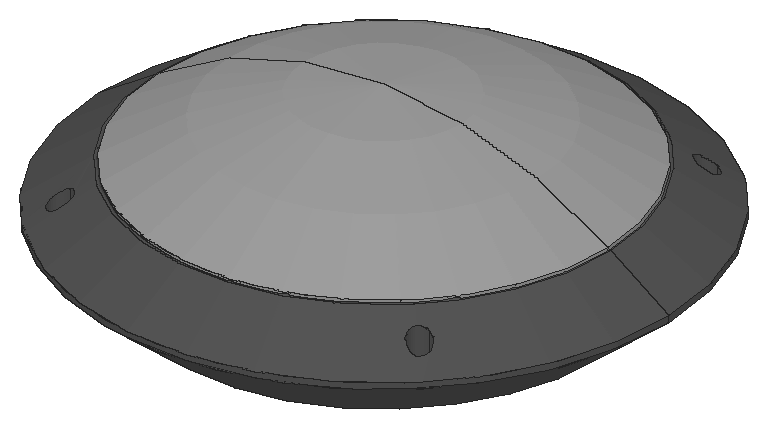
Revit family "0049288", category Lighting Fixtures, host Face, Revit 2017
Family settings
  Host = Face
  Round Connector Dimension = Use Diameter
  Part Type = Normal
  OmniClass Number = 23.80.70.00
  OmniClass Title = Lighting
  Cut with Voids When Loaded = No
  Light Source = Yes
  Shared = No
  Room Calculation Point = No
Parameters (values of type "0049288 START Surface IP66 1050lm 830 SD BLK")
  Weight = "4.68 kg"
  Wattage Comments = ""
  Wattage = 12 W
  WarrantyStartDate [instance] = "n/a"
  WarrantyGuarantorParts = "n/a"
  WarrantyDurationUnit = "n/a"
  WarrantyDurationParts = "n/a"
  WarrantyDescription = "n/a"
  built-in parameter 1150110 = 1 (stored number, unit not read)
  Voltage = 0 V
  URL = "http://www.sylvania-lighting.com"
  TypeName = "START Surface IP66 1050lm 830 IK10 SensorDim BLK"
  Type Image = <None>
  Type Comments = "n/a"
  built-in parameter 1114217 = 1 (stored number, unit not read)
  Tilt Angle = -90.00°
  built-in parameter 1150109 = 1 (stored number, unit not read)
  built-in parameter 1150134 = (empty or 0)
  built-in parameter 1150113 = 1 (stored number, unit not read)
  SerialNumber [instance] = "n/a"
  Photometric Web File = "0049288.ies"
  Material_3_SYL = LED-Sylvania-StartSurfaceIP66
  PowerFactor = 0
  PowerConsumption = "12 W"
  NominalLength = 300 mm
  NominalHeight = 90 mm
  NominalDepth = 300 mm
  Name = "START Surface IP66 1050lm 830 IK10 SensorDim BLK"
  ModelReference = Name  # "START Surface IP66 1050lm 830 IK10 SensorDim BLK"
  ModelNumber = "0049288"
  Model = Name  # "START Surface IP66 1050lm 830 IK10 SensorDim BLK"
  Material = "pc polycarbonate housing, pc polycarbonate diffuser"
  ManufacturerName = "Feilo Sylvania"
  Manufacturer = "Feilo Sylvania"
  LuminousEfficacy = "88 lm/W"
  built-in parameter 1150105 = 84.034 (stored number, unit not read)
  Lumens = 1056 lm
  LuminaireType = ""
  built-in parameter 1150115 = 1 (stored number, unit not read)
  LightOutputRatio = "n/a"
  built-in parameter 1150137 = (empty or 0)
  built-in parameter 1150139 = (empty or 0)
  LampsType = Lamp  # "LED"
  LampNominalLuminous = "1050 lm"
  LampMacAdamStep = "n/a"
  LampColourTemperature = "3000 K"
  LampColourRenderingIndex = "80"
  built-in parameter 1150112 = 1 (stored number, unit not read)
  built-in parameter 1150114 = 1 (stored number, unit not read)
  Lamp = "LED"
  Keynote = "16500"
  InstallationDate [instance] = "n/a"
  InputVoltage = "220-240 V AC"
  InputNominalFrequency = "50/60 Hz"
  built-in parameter 1150132 = (empty or 0)
  built-in parameter 1150102 = (empty or 0)
  built-in parameter 1150107 = 3000 (stored number, unit not read)
  built-in parameter 1150138 = (empty or 0)
  IngressProtection = "IP66"
  ImpactProtectionIndex = "IK10"
  built-in parameter 1150106 = 0.84034 (stored number, unit not read)
  IfcExportType = "IfcLightFixtureType"
  IfcExportAs = "IfcLightFixtureType"
  HoleRad_SYL = 134 mm
  HoleHoleRad_SYL = 6 mm
  HoleAngle_SYL = 45.00°
  Eyelid_SYL [instance] = no
  ExpectedLife = 50000
  Emit from Circle Diameter = 200 mm
  Emit Shape Visible in Rendering = no
  ElectricShockClassification = "Class II"
  built-in parameter 1150104 = 8.1755 (stored number, unit not read)
  DurationUnit = "hours"
  DocumentationLiterature = "http://www.sylvania-lighting.com/product/en-int/products/0049288"
  DimmingControlOptions = "n/a"
  Material_2_SYL = Diffuser-Sylvania-StartSurfaceIP66
  Dimming Lamp Color Temperature Shift = <None>
  Description = "Sensor Dim LED exterior surface mounted luminaire, 1050lm, 12W power consumption, 88lm/W efficacy, 3000K color temperature, CRI80, IP66, IK10, 50,000 hours (L70), black housing, vandal resistant"
  Default Elevation = 1219.2 mm
  CreatedOn = "7/17/2019"
  CreatedBy = "@sylvania-lighting.com"
  Cost = 0
  Color Filter = 16777215
  built-in parameter 1114216 [instance] = (empty or 0)
  ClassificationValue = "EF_70_80"
  ClassificationName = "Uniclass2015"
  Material_1_SYL = Body-Sylvania-StartSurfaceIP66-Black
  BarCode [instance] = "n/a"
  built-in parameter 1114218 = 1 (stored number, unit not read)
  built-in parameter 1150133 = 10 (stored number, unit not read)
  AssetType = "Fixed"
  AssetIdentifier [instance] = "n/a"
  Assembly Code = "D5020200"
  Apparent Load = 12 VA
Reference planes
  plane 1 "Center (Front/Back)": y = 0
  plane 2: z = 0
  plane 3 "Center (Left/Right)": x = 0
  plane 4: x = 150
  plane 5: x = -150
  plane 6: z = 90
  plane 7: z = 30
  plane 8: z = 54
  plane 9: x = -113
  plane 10: x = 113
  plane 11: x = -118
  plane 12: z = 33
  plane 13: z = 51
  plane 14: z = 87
  plane 15: z = 92
  plane 16: x = -148
  plane 17: y = -13
Forms (mm)
  Revolve 1, solid, material "Diffuser-Sylvania-StartSurfaceIP66" <- "Material_2_SYL"
    sketch origin (0, 0, 0) x (1, 0, 0) y (0, 0, 1)
      loop
        arc (0, 90) -> (-61.685, 80.8) -> (-118, 54) r 211.389
        line (-118, 54) -> (-118, 51) -> (-117.081, 51)
        arc (-117.081, 51) -> (-61.245, 77.797) -> (0, 87) r 208.389
        line (0, 87) -> (0, 90)
      axis (0, 90) -> (0, 51)
    angle from 360 to 0
  Revolve 2, solid, material "Body-Sylvania-StartSurfaceIP66-Black" <- "Material_1_SYL"
    sketch origin (0, 0, 0) x (1, 0, 0) y (0, 0, 1)
      loop
        line (0, 0) -> (0, 33) -> (-118, 33) -> (-118, 52.116)
        arc (-118, 52.116) -> (-118.529, 53.009) -> (-119.566, 52.973) r 1.017
        line (-119.566, 52.973) -> (-150, 33) -> (-150, 30) -> (-113, 0) -> (0, 0)
      axis (0, 52.973) -> (0, 0)
    angle from 360 to 0
  Extrusion 3, void
    sketch origin (-1534.635, -4572, 33) x (0, -1, 0) y (-1, 0, 0)
      loop
        circle (-4666.752, -1439.882) r 6
      loop
        circle (-4666.752, -1629.387) r 6
      loop
        circle (-4477.248, -1439.882) r 6
      loop
        circle (-4477.248, -1629.387) r 6
    from -18 to 0
  Revolve 4, solid, material "Body-Sylvania-StartSurfaceIP66-Black" <- "Material_1_SYL", visible <- "Eyelid_SYL"
    sketch origin (0, 0, 0) x (1, 0, 0) y (0, 0, 1)
      loop
        line (0, 90) -> (0, 92)
        arc (0, 92) -> (-79.423, 77.068) -> (-148, 34.313) r 218.694
        line (-148, 34.313) -> (-118, 54)
        arc (-118, 54) -> (-61.685, 80.8) -> (0, 90) r 211.389
      axis (0, 92) -> (0, 34.313)
    angle from 360 to 0
  Extrusion 5, void
    sketch origin (-1534.635, -4572, 33) x (0, -1, 0) y (-1, 0, 0)
      loop
        line (-4367.393, -1384.635) -> (-4559, -1384.635)
        arc (-4559, -1384.635) -> (-4572, -1534.635) -> (-4559, -1684.635) r 871.885
        line (-4559, -1684.635) -> (-4367.393, -1684.635) -> (-4367.393, -1384.635)
    from -82.978 to 19.568
Cuts and joins
  Extrusion 3 cuts Revolve 2
  Extrusion 3, Extrusion 5 cuts Revolve 4
Lines and regions (mm)
  reference lines
    curve 1: line (-150, 0, 33) -> (-118, 0, 54)
    curve 2: circle (0, 0, 0) r 134 normal (0, 0, 1)
    curve 3: line (0, 0, 0) -> (-94.752, 94.752, 0)
    curve 4: line (0, 0, 0) -> (94.752, 94.752, 0)
    curve 5: line (0, 0, 0) -> (-94.752, -94.752, 0)
    curve 6: line (0, 0, 0) -> (94.752, -94.752, 0)
Dimensions and locks
  locked: plane 6 to plane 2 at 90
  plane 8 to plane 7 to plane 2 = 24 mm locked, 30 mm locked
  equal spacing: plane 4, plane 3 "Center (Left/Right)", plane 5
  locked: plane 4 to plane 5 at 300
  equal spacing: plane 10, plane 3 "Center (Left/Right)", plane 9
  locked: plane 9 to plane 5 at 37
  locked: plane 9 to plane 11 at 5
  locked: plane 12 to plane 7 at 3
  locked: plane 8 to plane 13 at 3
  locked: plane 6 to plane 14 at 3
  locked: plane 15 to plane 6 at 2
  locked: plane 16 to plane 5 at 2
  locked: plane 17 to plane 1 "Center (Front/Back)" at 13
  "HoleRad_SYL": radius of curve 2
  "HoleHoleRad_SYL": radius of Extrusion 3 sketch curve  (x4)
  "HoleAngle_SYL": angle curve 3 to plane 1 "Center (Front/Back)"
  "HoleAngle_SYL": angle plane 1 "Center (Front/Back)" to curve 4
  "HoleAngle_SYL": angle plane 1 "Center (Front/Back)" to curve 5
  "HoleAngle_SYL": angle curve 6 to plane 1 "Center (Front/Back)"
  aligned and locked: plane 2 to host face
  aligned and locked: level to host face
  aligned and locked: plane 5 to curve 1
  aligned and locked: plane 11 to curve 1
  aligned and locked: Revolve 1 sketch curve to plane 3 "Center (Left/Right)"
  aligned and locked: curve 1 to Revolve 1 sketch curve
  aligned and locked: plane 6 to Revolve 1 sketch curve
  aligned and locked: plane 3 "Center (Left/Right)" to Revolve 1 sketch curve  (x2)
  aligned and locked: plane 11 to Revolve 1 sketch curve  (x2)
  aligned and locked: plane 13 to Revolve 1 sketch curve  (x2)
  aligned and locked: plane 14 to Revolve 1 sketch curve
  aligned and locked: Revolve 2 sketch curve to plane 3 "Center (Left/Right)"  (x2)
  aligned and locked: level to Revolve 2 sketch curve
  aligned and locked: plane 5 to Revolve 2 sketch curve
  aligned and locked: Revolve 2 sketch curve to curve 1
  aligned and locked: plane 3 "Center (Left/Right)" to curve 3
  aligned and locked: plane 13 to Extrusion 3
  aligned and locked: Extrusion 3 to plane 12
  aligned and locked: Revolve 2 sketch curve to plane 12
  aligned and locked: Revolve 4 sketch curve to plane 3 "Center (Left/Right)"  (x2)
  aligned and locked: Revolve 1 to Revolve 4 sketch curve
  aligned and locked: Revolve 4 sketch curve to curve 1
  aligned and locked: plane 11 to Revolve 4 sketch curve
  aligned and locked: plane 16 to Revolve 4 sketch curve
  aligned and locked: plane 15 to Revolve 4 sketch curve
  aligned and locked: plane 4 to Extrusion 5
  aligned and locked: Extrusion 5 to plane 5
  aligned and locked: plane 3 "Center (Left/Right)" to imposter light
  aligned and locked: imposter light to plane 1 "Center (Front/Back)"
  aligned and locked: plane 8 to imposter light
Automatic sketch dimensions
  host sketch curve to host sketch curve = 600 mm  (x2)
  curve 1 to plane 8 = 0 mm
  curve 1 to plane 12 = 0 mm
  Revolve 1 sketch curve to Revolve 1 sketch curve = 0 mm
  Revolve 1 sketch curve to Revolve 1 sketch curve = 488.211 mm
  Revolve 1 sketch curve to Revolve 1 sketch curve = 2519.058 mm
  plane 1 "Center (Front/Back)" to curve 2 = 0 mm
  curve 2 to plane 3 "Center (Left/Right)" = 0 mm
  plane 1 "Center (Front/Back)" to curve 4 = 0 mm
  Extrusion 3 sketch curve to plane 10 = 18.248 mm  (x2)
  Extrusion 3 sketch curve to plane 1 "Center (Front/Back)" = 94.752 mm  (x2)
  plane 9 to Extrusion 3 sketch curve = 18.248 mm  (x2)
  plane 1 "Center (Front/Back)" to Extrusion 3 sketch curve = 94.752 mm  (x2)
  Revolve 2 sketch curve to plane 9 = 0 mm
  Revolve 2 sketch curve to plane 7 = 0 mm
  Revolve 2 sketch curve to plane 8 = 1.027 mm
  Revolve 2 sketch curve to Revolve 2 sketch curve = 0.549 mm
  Revolve 2 sketch curve to level = 609.6 mm
  plane 6 to Revolve 2 sketch curve = 2519.058 mm
  Revolve 2 sketch curve to plane 11 = 0 mm
  Revolve 4 sketch curve to plane 6 = 0 mm
  Revolve 4 sketch curve to Revolve 4 sketch curve = 482.906 mm
  Revolve 4 sketch curve to Revolve 4 sketch curve = 2517.058 mm
  Extrusion 5 sketch curve to plane 5 = 0 mm
  Extrusion 5 sketch curve to plane 4 = 0 mm
  plane 17 to Extrusion 5 sketch curve = 191.607 mm
  Extrusion 5 sketch curve to Extrusion 5 sketch curve = 667.277 mm
  plane 17 to Extrusion 5 sketch curve = 0 mm  (x2)
Connectors
  electrical at (0, 0, 0), driven by "Apparent Load", driven by "PowerFactor", driven by "Voltage"
    settings: index 1, voltage 0 V, apparent load 12 VA, apparent load phase1 0 VA, apparent load phase2 0 VA, apparent load phase3 0 VA, power factor 0, load classification "Lighting", number of poles 1, system type 30, power factor state 1, is connector primary yes, connector utility no, sub classification motor no, connector description ""
